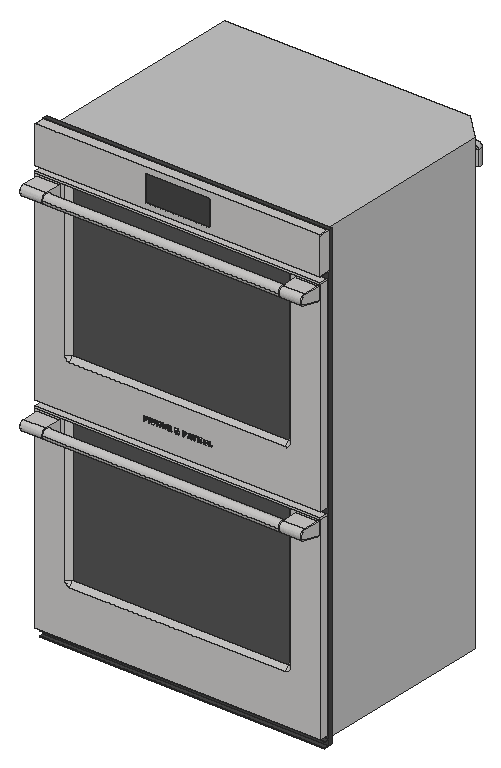
Revit family "FP_Revit_18_OB30DPPTX1_Oven_90000936A", category Specialty Equipment, Revit 2018
Family settings
  Round Connector Dimension = Use Diameter
  Part Type = Normal
  OmniClass Number = 23.40.40.14.17.11
  OmniClass Title = Cookers, Ovens, Stoves
  Work Plane-Based = No
  Always vertical = Yes
  Cut with Voids When Loaded = Yes
  Shared = No
  Room Calculation Point = No
Parameters
  Visibility - Clearance Required = yes
  URL = "www.fisherpaykel.com"
  Product - Width = 760 mm  # constant formula
  Product - Height = 1232 mm  # constant formula
  Product - Depth = 665 mm  # constant formula
  Model = "OB30DPPTX1"
  Material - Trim = Fisher & Paykel - Stainless Steel
  Material - Structure = Fisher & Paykel - Black
  Material - Handle = Fisher & Paykel - Stainless Steel
  Material - Glass = Fisher & Paykel - Glass, Black
  Material - Front = Fisher & Paykel - Stainless Steel
  Material - Display Panel = Fisher & Paykel - Black
  Material - Body = Fisher & Paykel - Grey
  Manufacturer = "Fisher & Paykel Appliances"
  FFL Offset [instance] = 100 mm
  Description = "30\" Self Cleaning Double Oven"
  Connector Note - Electrical = "208 V or 240 V, 33.2 A - 38.3 A"
  Chassis - Width = 719 mm  # constant formula
  Chassis - Height = 1218 mm  # constant formula
  Chassis - Depth = 569 mm  # constant formula
  Cavity - Width = 764 mm  # constant formula
  Cavity - Height = 1224 mm  # constant formula
  Cavity - Depth = 575 mm  # constant formula
  Cabinet - Height = 1236 mm  # constant formula
Reference planes
  plane 1 "Datum": y = 0
  plane 2: z = 0
  plane 3 "Center (Left/Right)": x = 0
  plane 4 "Cavity - Height": z = 1324
  plane 5 "Product - Height": z = 1332
  plane 6 "Product - Depth": y = 569
  plane 7 "Cavity - Depth": y = 575
  plane 8 "Front Face": y = -39
  plane 9 "FFL Offset": z = 100
  plane 10 "Cabinet - Height": z = 1336
  plane 11 "Product - LHS": x = -380
  plane 12 "Product - RHS": x = 380
  plane 13 "Cavity - LHS": x = -382
  plane 14 "Cavity - RHS": x = 382
Forms (mm)
  Extrusion 1, solid, material "Fisher & Paykel - Grey" <- "Material - Body"
    sketch origin (0, 0, 0) x (1, 0, 0) y (0, 1, 0)
      loop
        line (-359.5, 0) -> (359.5, 0) -> (359.5, 503) -> (292.691, 569) -> (-359.5, 569) -> (-359.5, 0)
    from 100 to 1318
  Extrusion 2, solid, material "Fisher & Paykel - Clearance Required", visible <- "Visibility - Clearance Required", detail levels coarse
    sketch origin (0, 0, 0) x (1, 0, 0) y (0, 1, 0)
      loop
        line (-362, 0) -> (362, 0) -> (362, 575) -> (-362, 575) -> (-362, 0)
    from 100 to 1324
  Extrusion 3, solid, material "Fisher & Paykel - Black" <- "Material - Structure"
    sketch origin (0, 0, 0) x (0, 1, 0) y (0, 0, 1)
      loop
        line (-11, 1332) -> (-11, 117.834) -> (-21.5, 115.02) -> (-21.254, 114.102) -> (-11, 116.85) -> (-11, 101.95) -> (-22, 101.95) -> (-22, 100) -> (0, 100) -> (0, 1332) -> (-11, 1332)
    from -380 to 380
  Extrusion 4, solid, material "Fisher & Paykel - Black" <- "Material - Structure"
    sketch origin (0, 0, 0) x (0, 1, 0) y (0, 0, 1)
      loop
        line (-16, 653.225) -> (-16, 128.025) -> (-11, 128.025) -> (-11, 653.225) -> (-16, 653.225)
      loop
        line (-16, 1214.225) -> (-16, 670.653) -> (-11, 670.653) -> (-11, 1214.225) -> (-16, 1214.225)
    from -361 to 361
  Extrusion 5, solid, material "Fisher & Paykel - Clearance Required", visible <- "Visibility - Clearance Required", detail levels coarse
    sketch origin (0, -2000, 0) x (0, 1, 0) y (0, 0, 1)
      loop
        line (1962, 128.025) -> (1962, 657.967)
        arc (1962, 657.967) -> (1587.465, 502.647) -> (1432.352, 128.025) r 529.942
        line (1432.352, 128.025) -> (1962, 128.025)
      loop
        arc (1962, 1218.484) -> (1574.625, 1058.028) -> (1414.169, 670.653) r 547.831
        line (1414.169, 670.653) -> (1962, 670.653) -> (1962, 1218.484)
    from -380 to 380
  Extrusion 6, void
    sketch origin (0, 0, 0) x (1, 0, 0) y (0, 1, 0)
      loop
        line (-362, 575) -> (-362, 0) -> (362, 0) -> (362, 575) -> (-362, 575)
    from 100 to 1324
  Extrusion 7, solid, material "Fisher & Paykel - Stainless Steel" <- "Material - Trim", detail levels fine
    sketch origin (0, 0, 0) x (0, 1, 0) y (0, 0, 1)
      loop
        line (-39, 1218.225) -> (-39, 1214.225) -> (-16, 1214.225) -> (-16, 1218.225) -> (-39, 1218.225)
      loop
        line (-39, 657.225) -> (-39, 653.225) -> (-16, 653.225) -> (-16, 657.225) -> (-39, 657.225)
    from -380 to 380
  Extrusion 8, solid, material "Fisher & Paykel - Stainless Steel" <- "Material - Handle", detail levels medium+fine
    sketch origin (0, -1, 2000) x (0, 1, 0) y (0, 0, 1)
      loop
        line (-37, -791.775) -> (-82.175, -791.775)
        arc (-82.175, -791.775) -> (-94.993, -803.067) -> (-85.405, -817.206) r 12.921
        line (-85.405, -817.206) -> (-37, -829.275) -> (-37, -791.775)
      loop
        line (-37, -1352.775) -> (-82.175, -1352.775)
        arc (-82.175, -1352.775) -> (-94.993, -1364.067) -> (-85.405, -1378.206) r 12.921
        line (-85.405, -1378.206) -> (-37, -1390.275) -> (-37, -1352.775)
    from 314.963 to 374.962
  Extrusion 9, solid, material "Fisher & Paykel - Stainless Steel" <- "Material - Handle", detail levels medium+fine
    sketch origin (0, -1, 0) x (0, 1, 0) y (0, 0, -1)
      loop
        line (-37, -1208.225) -> (-37, -1170.725) -> (-85.405, -1182.794)
        arc (-85.405, -1182.794) -> (-94.993, -1196.933) -> (-82.175, -1208.225) r 12.921
        line (-82.175, -1208.225) -> (-37, -1208.225)
      loop
        line (-37, -647.225) -> (-37, -609.725) -> (-85.405, -621.794)
        arc (-85.405, -621.794) -> (-94.993, -635.933) -> (-82.175, -647.225) r 12.921
        line (-82.175, -647.225) -> (-37, -647.225)
    from 314.963 to 374.962
  Sweep 10, void
    path in 3D
      loop
        line (374.962, -38, 1208.225) -> (374.962, -83.175, 1208.225)
        arc (374.962, -83.175, 1208.225) -> (374.962, -95.993, 1196.933) -> (374.962, -86.405, 1182.794) r 12.921
        line (374.962, -86.405, 1182.794) -> (374.962, -38, 1170.725)
    profile origin (374.962, -60.587, 1208.225) x (1, 0, 0) y (0, 0, 1)
      loop
        line (0, 0) -> (-1.5, 0) -> (0, -1.5) -> (0, 0)
  Sweep 11, void
    path in 3D
      loop
        line (374.962, -38, 647.225) -> (374.962, -83.175, 647.225)
        arc (374.962, -83.175, 647.225) -> (374.962, -95.993, 635.933) -> (374.962, -86.405, 621.794) r 12.921
        line (374.962, -86.405, 621.794) -> (374.962, -38, 609.725)
    profile origin (374.962, -60.587, 647.225) x (1, 0, 0) y (0, 0, 1)
      loop
        line (0, 0) -> (-1.5, 0) -> (0, -1.5) -> (0, 0)
  Sweep 12, void
    path in 3D
      loop
        line (-374.962, -38, 1170.725) -> (-374.962, -86.405, 1182.794)
        arc (-374.962, -86.405, 1182.794) -> (-374.962, -95.993, 1196.933) -> (-374.962, -83.175, 1208.225) r 12.921
        line (-374.962, -83.175, 1208.225) -> (-374.962, -38, 1208.225)
    profile origin (-374.962, -60.587, 1208.225) x (-1, 0, 0) y (0, 0, 1)
      loop
        line (0, 0) -> (-1.5, 0) -> (0, -1.5) -> (0, 0)
  Sweep 13, void
    path in 3D
      loop
        line (-374.962, -38, 609.725) -> (-374.962, -86.405, 621.794)
        arc (-374.962, -86.405, 621.794) -> (-374.962, -95.993, 635.933) -> (-374.962, -83.175, 647.225) r 12.921
        line (-374.962, -83.175, 647.225) -> (-374.962, -38, 647.225)
    profile origin (-374.962, -60.587, 647.225) x (-1, 0, 0) y (0, 0, 1)
      loop
        line (0, 0) -> (-1.5, 0) -> (0, -1.5) -> (0, 0)
  Extrusion 14, solid, material "Fisher & Paykel - Stainless Steel" <- "Material - Front", detail levels fine
    sketch origin (0, -39, 0) x (-1, 0, 0) y (0, 0, 1)
      loop
        line (380, 1214.225) -> (300.971, 1214.225) -> (300.971, 807.325)
        arc (300.971, 807.325) -> (296.87, 797.426) -> (286.971, 793.325) r 14
        line (286.971, 793.325) -> (-287.136, 793.325)
        arc (-287.136, 793.325) -> (-297.035, 797.426) -> (-301.136, 807.325) r 14
        line (-301.136, 807.325) -> (-301.136, 1214.225) -> (-380, 1214.225) -> (-380, 670.653) -> (380, 670.653) -> (380, 1214.225)
      loop
        line (-380, 653.225) -> (-380, 128.025) -> (380, 128.025) -> (380, 653.225) -> (300.971, 653.225) -> (300.971, 270.825)
        arc (300.971, 270.825) -> (296.87, 260.926) -> (286.971, 256.825) r 14
        line (286.971, 256.825) -> (-287.136, 256.825)
        arc (-287.136, 256.825) -> (-297.035, 260.926) -> (-301.136, 270.825) r 14
        line (-301.136, 270.825) -> (-301.136, 653.225) -> (-380, 653.225)
    from 1 to 23
  Extrusion 15, solid, material "Fisher & Paykel - Stainless Steel" <- "Material - Front", detail levels fine
    sketch origin (0, -39, 0) x (-1, 0, 0) y (0, 0, 1)
      loop
        line (378, 1332) -> (-378, 1332)
        arc (-378, 1332) -> (-379.414, 1331.414) -> (-380, 1330) r 2
        line (-380, 1330) -> (-380, 1233.766)
        arc (-380, 1233.766) -> (-379.424, 1232.376) -> (-378.034, 1231.8) r 1.966
        line (-378.034, 1231.8) -> (378, 1231.8)
        arc (378, 1231.8) -> (379.414, 1232.386) -> (380, 1233.8) r 2
        line (380, 1233.8) -> (380, 1330)
        arc (380, 1330) -> (379.414, 1331.414) -> (378, 1332) r 2
      loop
        line (84.917, 1316.8) -> (-85.154, 1316.8) -> (-85.154, 1246.8) -> (84.917, 1246.8) -> (84.917, 1316.8)
    from 0 to 28
  Extrusion 16, solid, material "Fisher & Paykel - Stainless Steel" <- "Material - Handle", detail levels medium+fine
    sketch origin (0, 0, 2000) x (0, 1, 0) y (0, 0, 1)
      loop
        circle (-83.284, -804.708) r 12.932
      loop
        circle (-83.284, -1365.708) r 12.932
    from -314.963 to 314.963
  Sweep 17, solid, material "Fisher & Paykel - Stainless Steel" <- "Material - Front", detail levels fine
    path in 3D
      loop
        line (301.136, -38, 1214.225) -> (301.136, -38, 807.325)
        arc (301.136, -38, 807.325) -> (297.035, -38, 797.426) -> (287.136, -38, 793.325) r 14
        line (287.136, -38, 793.325) -> (-286.971, -38, 793.325)
        arc (-286.971, -38, 793.325) -> (-296.87, -38, 797.426) -> (-300.971, -38, 807.325) r 14
        line (-300.971, -38, 807.325) -> (-300.971, -38, 1214.225)
    profile origin (-300.971, -38, 1010.775) x (0, -1, 0) y (1, 0, 0)
      loop
        line (-10, 13.02) -> (-10, 0) -> (0, 0) -> (-10, 13.02)
  Sweep 18, solid, material "Fisher & Paykel - Stainless Steel" <- "Material - Front", detail levels fine
    path in 3D
      loop
        line (301.136, -38, 653.225) -> (301.136, -38, 270.825)
        arc (301.136, -38, 270.825) -> (297.035, -38, 260.926) -> (287.136, -38, 256.825) r 14
        line (287.136, -38, 256.825) -> (-286.971, -38, 256.825)
        arc (-286.971, -38, 256.825) -> (-296.87, -38, 260.926) -> (-300.971, -38, 270.825) r 14
        line (-300.971, -38, 270.825) -> (-300.971, -38, 653.225)
    profile origin (-300.971, -38, 462.025) x (0, -1, 0) y (1, 0, 0)
      loop
        line (-10, 0) -> (0, 0) -> (-10, 13.02) -> (-10, 0)
  Extrusion 19, solid, material "Fisher & Paykel - Black" <- "Material - Display Panel", detail levels fine
    sketch origin (0, 0, 0) x (1, 0, 0) y (0, 0, 1)
      loop
        line (-84.917, 1316.8) -> (-84.917, 1246.8) -> (85.154, 1246.8) -> (85.154, 1316.8) -> (-84.917, 1316.8)
    from 11 to 37
  Extrusion 20, solid, material "Fisher & Paykel - Glass, Black" <- "Material - Glass", detail levels fine
    sketch origin (0, 0, 0) x (1, 0, 0) y (0, 0, 1)
      loop
        line (-300.971, 1214.225) -> (-300.971, 793.325) -> (301.136, 793.325) -> (301.136, 1214.225) -> (-300.971, 1214.225)
      loop
        line (-300.971, 653.225) -> (-300.971, 256.825) -> (301.136, 256.825) -> (301.136, 653.225) -> (-300.971, 653.225)
    from 16 to 28
  Extrusion 21, solid, material "Fisher & Paykel - Stainless Steel" <- "Material - Handle", detail levels coarse
    sketch origin (0, -1, 0) x (0, 1, 0) y (0, 0, 1)
      loop
        line (-37, 1208.225) -> (-82.175, 1208.225)
        arc (-82.175, 1208.225) -> (-94.993, 1196.933) -> (-85.405, 1182.794) r 12.921
        line (-85.405, 1182.794) -> (-37, 1170.725) -> (-37, 1208.225)
      loop
        line (-37, 647.225) -> (-82.175, 647.225)
        arc (-82.175, 647.225) -> (-94.993, 635.933) -> (-85.405, 621.794) r 12.921
        line (-85.405, 621.794) -> (-37, 609.725) -> (-37, 647.225)
    from -375 to 374.962
  Extrusion 22, solid, material "Fisher & Paykel - Stainless Steel" <- "Material - Front", detail levels coarse+medium
    sketch origin (0, 0, 0) x (0, 1, 0) y (0, 0, 1)
      loop
        line (-16, 657.225) -> (-38, 657.225) -> (-38, 128.025) -> (-16, 128.025) -> (-16, 657.225)
      loop
        line (-16, 1218.225) -> (-38, 1218.225) -> (-38, 670.653) -> (-16, 670.653) -> (-16, 1218.225)
      loop
        line (-11, 1332) -> (-39, 1332) -> (-39, 1231.8) -> (-11, 1231.8) -> (-11, 1332)
    from -380 to 380
  Extrusion 23, void
    sketch origin (0, 0, 0) x (0, 1, 0) y (0, 0, 1)
      loop
        line (0, 100) -> (0, 1336) -> (-39, 1336) -> (-39, 100) -> (0, 100)
    from -382 to 382
Cuts and joins
  Sweep 10, Sweep 11 cuts Extrusion 8
  Sweep 12, Sweep 13 cuts Extrusion 9
  joined: Extrusion 14, Sweep 17, Sweep 18
Lines and regions (mm)
  sketch lines
    curve 1: line (374.962, -38, 1208.225) -> (374.962, -83.175, 1208.225)
    curve 2: arc (374.962, -86.405, 1182.794) -> (374.962, -95.993, 1196.933) -> (374.962, -83.175, 1208.225) r 12.921
    curve 3: line (374.962, -86.405, 1182.794) -> (374.962, -38, 1170.725)
    curve 4: line (374.962, -38, 647.225) -> (374.962, -83.175, 647.225)
    curve 5: arc (374.962, -86.405, 621.794) -> (374.962, -95.993, 635.933) -> (374.962, -83.175, 647.225) r 12.921
    curve 6: line (374.962, -86.405, 621.794) -> (374.962, -38, 609.725)
    curve 7: line (-374.962, -83.175, 1208.225) -> (-374.962, -38, 1208.225)
    curve 8: arc (-374.962, -83.175, 1208.225) -> (-374.962, -95.993, 1196.933) -> (-374.962, -86.405, 1182.794) r 12.921
    curve 9: line (-374.962, -38, 1170.725) -> (-374.962, -86.405, 1182.794)
    curve 10: line (-374.962, -83.175, 647.225) -> (-374.962, -38, 647.225)
    curve 11: arc (-374.962, -83.175, 647.225) -> (-374.962, -95.993, 635.933) -> (-374.962, -86.405, 621.794) r 12.921
    curve 12: line (-374.962, -38, 609.725) -> (-374.962, -86.405, 621.794)
    curve 13: line (-300.971, -38, 807.325) -> (-300.971, -38, 1214.225)
    curve 14: arc (-300.971, -38, 807.325) -> (-296.87, -38, 797.426) -> (-286.971, -38, 793.325) r 14
    curve 15: line (287.136, -38, 793.325) -> (-286.971, -38, 793.325)
    curve 16: arc (287.136, -38, 793.325) -> (297.035, -38, 797.426) -> (301.136, -38, 807.325) r 14
    curve 17: line (301.136, -38, 1214.225) -> (301.136, -38, 807.325)
    curve 18: line (-300.971, -38, 270.825) -> (-300.971, -38, 653.225)
    curve 19: arc (-300.971, -38, 270.825) -> (-296.87, -38, 260.926) -> (-286.971, -38, 256.825) r 14
    curve 20: line (287.136, -38, 256.825) -> (-286.971, -38, 256.825)
    curve 21: line (301.136, -38, 653.225) -> (301.136, -38, 270.825)
    curve 22: arc (287.136, -38, 256.825) -> (297.035, -38, 260.926) -> (301.136, -38, 270.825) r 14
  model lines, style "Fisher & Paykel", detail levels coarse+medium
    curve 23: line (-300.971, -39, 1214.225) -> (301.136, -39, 1214.225)
    curve 24: line (-300.971, -39, 793.325) -> (-300.971, -39, 1214.225)
    curve 25: line (301.136, -39, 793.325) -> (-300.971, -39, 793.325)
    curve 26: line (301.136, -39, 1214.225) -> (301.136, -39, 793.325)
    curve 27: line (-300.971, -39, 653.225) -> (301.136, -39, 653.225)
    curve 28: line (-300.971, -39, 256.825) -> (-300.971, -39, 653.225)
    curve 29: line (301.136, -39, 256.825) -> (-300.971, -39, 256.825)
    curve 30: line (301.136, -39, 653.225) -> (301.136, -39, 256.825)
    curve 31: line (-84.917, -39, 1316.8) -> (85.154, -39, 1316.8)
    curve 32: line (-84.917, -39, 1246.8) -> (-84.917, -39, 1316.8)
    curve 33: line (85.154, -39, 1246.8) -> (-84.917, -39, 1246.8)
    curve 34: line (85.154, -39, 1316.8) -> (85.154, -39, 1246.8)
Text (mm)
  text "Due to ongoing product development, product details are subject to change without notice. \nPlease always refer to www.fisherpaykel.com for the most current product information. \n© Fisher & Paykel 2020" at (41.04, -678.295, 0), in view "Ref. Level (Plan)"
Dimensions and locks
  "Chassis - Depth": plane 1 "Datum" to plane 6 "Product - Depth"
  "Cavity - Depth": plane 7 "Cavity - Depth" to plane 1 "Datum"
  "Chassis - Width": Extrusion 1 to Extrusion 1
  equal spacing: Extrusion 1, plane 3 "Center (Left/Right)", Extrusion 1
  "FFL Offset": plane 9 "FFL Offset" to level
  "Cabinet - Height": plane 10 "Cabinet - Height" to plane 9 "FFL Offset"
  locked: plane 9 "FFL Offset" to Extrusion 14 sketch curve at 28.025
  locked: plane 9 "FFL Offset" to Extrusion 14 sketch curve at 156.825
  locked: plane 9 "FFL Offset" to Extrusion 14 sketch curve at 693.325
  locked: plane 9 "FFL Offset" to Extrusion 20 sketch curve at 693.325
  locked: plane 9 "FFL Offset" to Extrusion 20 sketch curve at 156.825
  locked: plane 9 "FFL Offset" to Extrusion 7 at 553.225
  locked: Extrusion 7 to plane 9 "FFL Offset" at 1114.225
  locked: plane 9 "FFL Offset" to Extrusion 22 at 570.653
  locked: Extrusion 22 to plane 9 "FFL Offset" at 28.025
  locked: plane 5 "Product - Height" to Extrusion 22 at 100.2
  locked: plane 5 "Product - Height" to nested 1 at 102.977
  cut or joined group of Extrusion 9, Sweep 12, Sweep 13 to plane 9 "FFL Offset" = 1108.225 mm
  cut or joined group of Extrusion 9, Sweep 12, Sweep 13 to plane 9 "FFL Offset" = 547.225 mm
  cut or joined group of Extrusion 8, Sweep 10, Sweep 11 to plane 9 "FFL Offset" = 1108.225 mm
  cut or joined group of Extrusion 8, Sweep 10, Sweep 11 to plane 9 "FFL Offset" = 547.225 mm
  locked: cut or joined group of Extrusion 14, Sweep 17, Sweep 18 to plane 9 "FFL Offset" at 570.653
  locked: plane 5 "Product - Height" to Extrusion 15 sketch curve at 100.2
  locked: plane 5 "Product - Height" to Extrusion 19 at 15.2
  locked: plane 5 "Product - Height" to Extrusion 19 at 85.2
  "Chassis - Height": Extrusion 1 to plane 9 "FFL Offset"
  "Product - Height": plane 5 "Product - Height" to plane 9 "FFL Offset"
  "Cavity - Height": plane 4 "Cavity - Height" to plane 9 "FFL Offset"
  plane 6 "Product - Depth" to plane 8 "Front Face" = 608 mm
  Extrusion 23 to plane 3 "Center (Left/Right)" to Extrusion 23 = 382 mm, 382 mm
  equal spacing: plane 11 "Product - LHS", plane 3 "Center (Left/Right)", plane 12 "Product - RHS"
  "Product - Width": plane 11 "Product - LHS" to plane 12 "Product - RHS"
  locked: Extrusion 3 sketch curve to plane 9 "FFL Offset" at 1.95
  locked: Extrusion 3 sketch curve to plane 9 "FFL Offset" at 15.02
  locked: Extrusion 3 sketch curve to plane 9 "FFL Offset" at 17.834
  locked: Extrusion 16 sketch curve to Extrusion 16 sketch curve at 561
  locked: nested 2 to plane 9 "FFL Offset" at 624.425
  locked: curve 29 to plane 9 "FFL Offset" at 156.825
  locked: curve 25 to plane 9 "FFL Offset" at 693.325
  locked: plane 5 "Product - Height" to curve 33 at 85.2
  locked: plane 5 "Product - Height" to curve 31 at 15.2
  plane 6 "Product - Depth" to Extrusion 16 = 665.217 mm
  equal spacing: plane 13 "Cavity - LHS", plane 3 "Center (Left/Right)", plane 14 "Cavity - RHS"
  "Cavity - Width": plane 13 "Cavity - LHS" to plane 14 "Cavity - RHS"
  equal spacing: Extrusion 2, plane 3 "Center (Left/Right)", Extrusion 2
  Extrusion 2 to Extrusion 2 = 724 mm
  aligned and locked: level to plane 2
  aligned and locked: plane 4 "Cavity - Height" to Extrusion 2
  aligned and locked: Extrusion 1 to plane 9 "FFL Offset"
  aligned and locked: Extrusion 3 to Extrusion 1
  aligned and locked: cut or joined group of Extrusion 14, Sweep 17, Sweep 18 to Extrusion 4  (x2)
  aligned and locked: Extrusion 4 to Extrusion 7  (x2)
  aligned and locked: Extrusion 22 to Extrusion 7  (x2)
  aligned and locked: Extrusion 4 to Extrusion 20  (x2)
  aligned and locked: Extrusion 20 to cut or joined group of Extrusion 14, Sweep 17, Sweep 18  (x2)
  aligned and locked: Extrusion 22 to Extrusion 15
  aligned and locked: Extrusion 19 to Extrusion 15  (x2)
  aligned and locked: Extrusion 2 to Extrusion 1
  aligned and locked: Extrusion 5 to Extrusion 4  (x2)
  aligned and locked: Extrusion 3 to Extrusion 2
  aligned and locked: Extrusion 22 to Extrusion 4
  aligned and locked: plane 5 "Product - Height" to Extrusion 15 sketch curve
  aligned and locked: Extrusion 15 sketch curve to Extrusion 19  (x2)
  aligned and locked: Extrusion 6 to Extrusion 1
  aligned and locked: plane 4 "Cavity - Height" to Extrusion 6
  aligned and locked: Extrusion 2 to Extrusion 23 sketch curve
  aligned and locked: Extrusion 23 sketch curve to plane 10 "Cabinet - Height"
  aligned and locked: Extrusion 3 sketch curve to plane 5 "Product - Height"
  aligned and locked: Extrusion 8 sketch curve to cut or joined group of Extrusion 9, Sweep 12, Sweep 13
  aligned and locked: Extrusion 4 to curve 27
  aligned and locked: Extrusion 4 to curve 23
  aligned and locked: Extrusion 23 to plane 13 "Cavity - LHS"
  aligned and locked: plane 14 "Cavity - RHS" to Extrusion 23
Automatic sketch dimensions
  plane 1 "Datum" to Extrusion 1 sketch curve = 0 mm
  Extrusion 1 sketch curve to plane 6 "Product - Depth" = 0 mm
  Extrusion 1 sketch curve to plane 6 "Product - Depth" = 66 mm
  plane 1 "Datum" to Extrusion 2 sketch curve = 0 mm
  plane 7 "Cavity - Depth" to Extrusion 2 sketch curve = 0 mm
  plane 1 "Datum" to Extrusion 4 sketch curve = 16 mm  (x2)
  Extrusion 4 sketch curve to Extrusion 4 sketch curve = 5 mm  (x2)
  level to Extrusion 4 sketch curve = 128.025 mm
  Extrusion 4 sketch curve to Extrusion 4 sketch curve = 525.2 mm
  Extrusion 4 sketch curve to Extrusion 4 sketch curve = 17.428 mm
  Extrusion 4 sketch curve to plane 5 "Product - Height" = 117.775 mm
  plane 1 "Datum" to Extrusion 6 sketch curve = 0 mm
  plane 7 "Cavity - Depth" to Extrusion 6 sketch curve = 0 mm
  Extrusion 7 sketch curve to plane 8 "Front Face" = 0 mm  (x2)
  plane 1 "Datum" to Extrusion 7 sketch curve = 16 mm  (x2)
  level to Extrusion 7 sketch curve = 653.225 mm
  Extrusion 7 sketch curve to Extrusion 7 sketch curve = 4 mm  (x2)
  Extrusion 7 sketch curve to plane 5 "Product - Height" = 117.775 mm
  Extrusion 9 sketch curve to plane 8 "Front Face" = 47.405 mm  (x2)
  Extrusion 9 sketch curve to Extrusion 9 sketch curve = 3.23 mm  (x2)
  plane 8 "Front Face" to Extrusion 9 sketch curve = 1 mm  (x2)
  Extrusion 9 sketch curve to plane 5 "Product - Height" = 123.775 mm
  Extrusion 9 sketch curve to Extrusion 9 sketch curve = 12.921 mm  (x2)
  Extrusion 9 sketch curve to Extrusion 9 sketch curve = 37.5 mm  (x2)
  Extrusion 9 sketch curve to Extrusion 9 sketch curve = 523.5 mm
  Sweep 10 sketch curve to profile plane = 0 mm
  profile plane to Sweep 10 sketch curve = 0 mm
  profile plane to Sweep 10 sketch curve = 1.5 mm
  Sweep 10 sketch curve to profile plane = 1.5 mm
  Sweep 11 sketch curve to profile plane = 0 mm
  profile plane to Sweep 11 sketch curve = 0 mm
  profile plane to Sweep 11 sketch curve = 1.5 mm
  Sweep 11 sketch curve to profile plane = 1.5 mm
  Sweep 12 sketch curve to profile plane = 0 mm  (x2)
  profile plane to Sweep 12 sketch curve = 1.5 mm
  Sweep 12 sketch curve to profile plane = 1.5 mm
  Sweep 13 sketch curve to profile plane = 0 mm  (x2)
  profile plane to Sweep 13 sketch curve = 1.5 mm
  Sweep 13 sketch curve to profile plane = 1.5 mm
  Extrusion 14 sketch curve to Extrusion 14 sketch curve = 78.864 mm
  Extrusion 14 sketch curve to Extrusion 14 sketch curve = 14 mm  (x3)
  Extrusion 14 sketch curve to Extrusion 14 sketch curve = 382.4 mm
  Extrusion 14 sketch curve to Extrusion 14 sketch curve = 17.428 mm
  Extrusion 14 sketch curve to Extrusion 14 sketch curve = 140.1 mm
  Extrusion 14 sketch curve to plane 5 "Product - Height" = 117.775 mm  (x2)
  Extrusion 16 sketch curve to plane 8 "Front Face" = 44.284 mm  (x2)
  Extrusion 16 sketch curve to plane 5 "Product - Height" = 136.708 mm
  Sweep 17 sketch curve to profile plane = 0 mm  (x2)
  profile plane to Sweep 17 sketch curve = 10 mm
  Sweep 17 sketch curve to Sweep 17 sketch curve = 13.02 mm
  Sweep 18 sketch curve to profile plane = 0 mm  (x2)
  Sweep 18 sketch curve to Sweep 18 sketch curve = 10 mm
  Sweep 18 sketch curve to Sweep 18 sketch curve = 13.02 mm
  Extrusion 19 sketch curve to plane 3 "Center (Left/Right)" = 84.917 mm
  plane 3 "Center (Left/Right)" to Extrusion 19 sketch curve = 85.154 mm
  Extrusion 19 sketch curve to plane 5 "Product - Height" = 85.2 mm
  Extrusion 19 sketch curve to plane 5 "Product - Height" = 15.2 mm
  Extrusion 21 sketch curve to plane 8 "Front Face" = 47.405 mm  (x2)
  Extrusion 21 sketch curve to Extrusion 21 sketch curve = 3.23 mm  (x2)
  plane 8 "Front Face" to Extrusion 21 sketch curve = 1 mm  (x2)
  Extrusion 21 sketch curve to plane 4 "Cavity - Height" = 714.275 mm
  Extrusion 21 sketch curve to Extrusion 21 sketch curve = 12.069 mm  (x2)
  Extrusion 21 sketch curve to Extrusion 21 sketch curve = 12.51 mm  (x2)
  Extrusion 21 sketch curve to Extrusion 21 sketch curve = 523.5 mm
  Extrusion 20 sketch curve to Extrusion 20 sketch curve = 140.1 mm
  Extrusion 20 sketch curve to plane 5 "Product - Height" = 117.775 mm
  plane 5 "Product - Height" to Extrusion 22 sketch curve = 0 mm
  Extrusion 22 sketch curve to plane 8 "Front Face" = 0 mm
  plane 8 "Front Face" to Extrusion 22 sketch curve = 1 mm  (x2)
  plane 1 "Datum" to Extrusion 22 sketch curve = 16 mm  (x2)
  plane 1 "Datum" to Extrusion 22 sketch curve = 11 mm
  Extrusion 22 sketch curve to Extrusion 22 sketch curve = 100.2 mm
  Extrusion 22 sketch curve to Extrusion 22 sketch curve = 13.575 mm
  Extrusion 22 sketch curve to Extrusion 22 sketch curve = 547.572 mm
  Extrusion 22 sketch curve to Extrusion 22 sketch curve = 13.428 mm
  level to Extrusion 22 sketch curve = 128.025 mm
  Extrusion 5 sketch curve to plane 8 "Front Face" = 546.831 mm
  plane 9 "FFL Offset" to Extrusion 5 sketch curve = 28.025 mm
  Extrusion 5 sketch curve to plane 8 "Front Face" = 528.648 mm
  plane 8 "Front Face" to Extrusion 5 sketch curve = 1 mm  (x2)
  Extrusion 5 sketch curve to Extrusion 5 sketch curve = 0.295 mm
  Extrusion 5 sketch curve to Extrusion 5 sketch curve = 542.628 mm
  Extrusion 15 sketch curve to Extrusion 15 sketch curve = 1.966 mm
  plane 3 "Center (Left/Right)" to Extrusion 15 sketch curve = 85.154 mm
  Extrusion 15 sketch curve to plane 3 "Center (Left/Right)" = 84.917 mm
  Extrusion 15 sketch curve to Extrusion 15 sketch curve = 2 mm
  Extrusion 23 sketch curve to plane 8 "Front Face" = 0 mm
  Extrusion 23 sketch curve to plane 1 "Datum" = 0 mm
  Extrusion 15 sketch curve to plane 5 "Product - Height" = 2 mm
  Extrusion 3 sketch curve to plane 9 "FFL Offset" = 0 mm
  Extrusion 3 sketch curve to plane 1 "Datum" = 0 mm
  plane 1 "Datum" to Extrusion 3 sketch curve = 11 mm
  Extrusion 3 sketch curve to Extrusion 3 sketch curve = 0 mm
  Extrusion 3 sketch curve to Extrusion 3 sketch curve = 10.254 mm
  Extrusion 3 sketch curve to Extrusion 3 sketch curve = 0.246 mm
  Extrusion 3 sketch curve to Extrusion 3 sketch curve = 11 mm
  Extrusion 8 sketch curve to plane 8 "Front Face" = 47.405 mm  (x2)
  Extrusion 8 sketch curve to Extrusion 8 sketch curve = 3.23 mm  (x2)
  plane 8 "Front Face" to Extrusion 8 sketch curve = 1 mm  (x2)
  Extrusion 8 sketch curve to Extrusion 8 sketch curve = 12.069 mm  (x2)
  Extrusion 8 sketch curve to Extrusion 8 sketch curve = 12.51 mm  (x2)
  Extrusion 8 sketch curve to plane 4 "Cavity - Height" = 153.275 mm
  plane 3 "Center (Left/Right)" to curve 34 = 85.154 mm
  curve 32 to plane 3 "Center (Left/Right)" = 84.917 mm
  plane 9 "FFL Offset" to curve 30 = 156.825 mm
  plane 11 "Product - LHS" to Extrusion 1 sketch curve = 20.5 mm
  plane 11 "Product - LHS" to Extrusion 2 sketch curve = 18 mm
  plane 11 "Product - LHS" to Extrusion 6 sketch curve = 18 mm
  plane 11 "Product - LHS" to curve 28 = 79.029 mm
  plane 11 "Product - LHS" to curve 24 = 79.029 mm
  Extrusion 14 sketch curve to plane 11 "Product - LHS" = 0 mm  (x2)
  plane 11 "Product - LHS" to Extrusion 14 sketch curve = 93.029 mm  (x2)
  Extrusion 14 sketch curve to Extrusion 14 sketch curve = 79.029 mm
  Extrusion 15 sketch curve to plane 11 "Product - LHS" = 0 mm
  plane 11 "Product - LHS" to Extrusion 15 sketch curve = 2 mm
  plane 11 "Product - LHS" to Extrusion 20 sketch curve = 79.029 mm  (x2)
  Extrusion 1 sketch curve to plane 12 "Product - RHS" = 87.309 mm
  Extrusion 1 sketch curve to plane 12 "Product - RHS" = 20.5 mm
  Extrusion 2 sketch curve to plane 12 "Product - RHS" = 18 mm
  Extrusion 6 sketch curve to plane 12 "Product - RHS" = 18 mm
  curve 26 to plane 12 "Product - RHS" = 78.864 mm
  curve 30 to plane 12 "Product - RHS" = 78.864 mm
  Extrusion 14 sketch curve to plane 12 "Product - RHS" = 0 mm  (x2)
  Extrusion 14 sketch curve to plane 12 "Product - RHS" = 78.864 mm
  Extrusion 15 sketch curve to plane 12 "Product - RHS" = 0 mm
  Extrusion 20 sketch curve to plane 12 "Product - RHS" = 78.864 mm  (x2)
  radius of Extrusion 16 sketch curve = 12.932 mm  (x2)
Nested families
  nested 1: "F&P Inlet Power OB30" at (327.191, 536, 1279) x (0.7071, -0.7071, 0) z (0, 0, 1), type "F&P Inlet Power OB30"
  nested 2: "F&P Logo 180mm" at (0, -38, 724.425), type "F&P Logo 180mm"
Connectors
  electrical at (334.648, 543.457, 1229.023), driven by "Connector Note - Electrical"
    settings: on nested 1, index 1, voltage 120 V, apparent load 0 VA, apparent load phase1 0 VA, apparent load phase2 0 VA, apparent load phase3 0 VA, power factor 1, load classification "Other", number of poles 2, system type 30, power factor state 1, is connector primary yes, connector utility no, sub classification motor no, connector description "208 V or 240 V, 33.2 A - 38.3 A"
Definition of nested family "F&P Inlet Power OB30"
  Parameters (values of type "F&P Inlet Power OB30")
    URL = "www.fisherpaykel.com"
    Material - Body = none
    Manufacturer = "Fisher & Paykel Appliances"
  Reference planes
    plane 1 "Center (Front/Back)": y = 0
    plane 2: z = 0
    plane 3 "Center (Left/Right)": x = 0
  Forms (mm)
    Extrusion 1, solid, material <- "Material - Body"
      sketch origin (0, 0, 0) x (1, 0, 0) y (0, 0, 1)
        loop
          circle (0, 0) r 14.523
        loop
          circle (0, 0) r 7.273
      from -3.02 to 0
    Sweep 2, solid, material <- "Material - Body"
      path origin (0, 0, 0) x (0, 1, 0) y (0, 0, 1)
        loop
          line (0, 0) -> (2.546, 0)
          arc (2.546, 0) -> (8.203, -2.343) -> (10.546, -8) r 8
          line (10.546, -8) -> (10.546, -49.977)
      profile origin (0, 1.273, 0) x (0, 0, 1) y (1, 0, 0)
        loop
          circle (0, 0) r 7.273
  Dimensions and locks
    aligned and locked: level to plane 2
Definition of nested family "F&P Logo 180mm"
  Parameters (values of type "F&P Logo 180mm")
    URL = "www.fisherpaykel.com"
    Material - Logo = none
    Manufacturer = "Fisher & Paykel Appliances"
  Reference planes
    plane 1 "Center (Front/Back)": y = 0
    plane 2: z = 0
    plane 3 "Center (Left/Right)": x = 0
  Forms (mm)
    Extrusion 1, solid, material <- "Material - Logo", detail levels fine
      sketch origin (0, 0, 0) x (1, 0, 0) y (0, 0, 1)
        loop
          line (-89.993, 0) -> (-87.16, 0) -> (-87.16, 3.848) -> (-82.733, 3.848) -> (-82.733, 6.25) -> (-87.16, 6.25) -> (-87.16, 8.481) -> (-82.344, 8.481) -> (-82.344, 10.872) -> (-89.993, 10.872) -> (-89.993, 0)
        loop
          line (-76.961, 10.872) -> (-76.961, 0) -> (-74.128, 0) -> (-74.128, 10.872) -> (-76.961, 10.872)
        loop
          line (-55.218, 10.872) -> (-55.218, 0) -> (-52.385, 0) -> (-52.385, 4.356) -> (-48.224, 4.356) -> (-48.224, 0) -> (-45.391, 0) -> (-45.391, 10.872) -> (-48.224, 10.872) -> (-48.224, 6.746) -> (-52.385, 6.746) -> (-52.385, 10.872) -> (-55.218, 10.872)
        loop
          line (-39.345, 10.872) -> (-39.345, 0) -> (-31.598, 0) -> (-31.598, 2.391) -> (-36.538, 2.391) -> (-36.538, 4.356) -> (-32.023, 4.356) -> (-32.023, 6.746) -> (-36.538, 6.746) -> (-36.538, 8.64) -> (-31.598, 8.64) -> (-31.598, 10.872) -> (-39.345, 10.872)
        loop
          line (82.287, 10.872) -> (82.287, 0) -> (90.007, 0) -> (90.007, 2.391) -> (85.12, 2.391) -> (85.12, 10.872) -> (82.287, 10.872)
        loop
          line (76.463, 10.872) -> (68.689, 10.872) -> (68.689, 0) -> (76.463, 0) -> (76.463, 2.391) -> (71.522, 2.391) -> (71.522, 4.356) -> (76.037, 4.356) -> (76.037, 6.746) -> (71.522, 6.746) -> (71.522, 8.481) -> (76.463, 8.481) -> (76.463, 10.872)
        loop
          line (60.297, 5.666) -> (64.316, 10.872) -> (61.005, 10.872) -> (57.534, 6.375) -> (57.534, 10.872) -> (54.701, 10.872) -> (54.701, 0) -> (57.534, 0) -> (57.534, 4.87) -> (61.111, 0) -> (64.459, 0) -> (60.297, 5.666)
        loop
          line (39.651, 10.872) -> (43.759, 4.356) -> (43.759, 0) -> (46.592, 0) -> (46.592, 4.214) -> (50.7, 10.872) -> (47.69, 10.872) -> (45.265, 6.673) -> (42.841, 10.872) -> (39.651, 10.872)
        loop
          line (33.348, 10.872) -> (30.656, 10.872) -> (26.229, 0) -> (29.01, 0) -> (29.789, 2.001) -> (34.145, 2.001) -> (34.923, 0) -> (37.775, 0) -> (33.348, 10.872)
        loop
          line (33.206, 4.391) -> (31.934, 7.514) -> (30.719, 4.391) -> (33.206, 4.391)
        loop
          line (14.543, 10.872) -> (14.543, 0) -> (17.376, 0) -> (17.376, 3.488) -> (19.166, 3.488)
          arc (19.166, 3.488) -> (22.857, 7.18) -> (19.166, 10.872) r 3.692
          line (19.166, 10.872) -> (14.543, 10.872)
        loop
          line (17.376, 8.481) -> (17.376, 5.755) -> (18.989, 5.755)
          arc (18.989, 5.755) -> (20.352, 7.118) -> (18.989, 8.481) r 1.363
          line (18.989, 8.481) -> (17.376, 8.481)
        loop
          line (-21.123, 10.872) -> (-25.773, 10.872) -> (-25.773, 0) -> (-22.94, 0) -> (-22.94, 3.027) -> (-21.974, 3.027) -> (-19.664, 0) -> (-16.388, 0) -> (-19.163, 3.551)
          arc (-19.163, 3.551) -> (-17.333, 7.964) -> (-21.123, 10.872) r 3.923
        loop
          line (-21.328, 8.481) -> (-22.94, 8.481) -> (-22.94, 5.495) -> (-21.328, 5.495)
          arc (-21.328, 5.495) -> (-19.835, 6.988) -> (-21.328, 8.481) r 1.493
        loop
          line (0.946, 8.481) -> (0.946, 11.075) -> (-6.349, 11.075) -> (-6.349, 8.732) -> (-5.266, 7.401)
          arc (-5.266, 7.401) -> (-6.232, 1.23) -> (0.006, 0.921) r 4.2
          line (0.006, 0.921) -> (0.756, 0) -> (3.97, 0) -> (1.635, 2.87) -> (3.745, 5.909) -> (0.833, 5.909) -> (0.063, 4.8) -> (-2.932, 8.481) -> (0.946, 8.481)
        loop
          arc (-3.739, 5.523) -> (-3.998, 3.002) -> (-1.476, 2.743) r 1.792
          line (-1.476, 2.743) -> (-3.739, 5.523)
        loop
          line (-63.238, 6.541) -> (-65.642, 7.039)
          arc (-65.642, 7.039) -> (-66.601, 7.998) -> (-65.642, 8.957) r 0.959
          arc (-65.642, 8.957) -> (-63.335, 8.623) -> (-61.22, 7.646) r 8.108
          line (-61.22, 7.646) -> (-61.22, 10.338)
          arc (-61.22, 10.338) -> (-63.902, 11.123) -> (-66.694, 10.996) r 8.507
          arc (-66.694, 10.996) -> (-69.278, 7.803) -> (-66.694, 4.609) r 3.266
          line (-66.694, 4.609) -> (-64.27, 4.107)
          arc (-64.27, 4.107) -> (-63.312, 3.148) -> (-64.271, 2.189) r 0.959
          arc (-64.271, 2.189) -> (-66.577, 2.524) -> (-68.692, 3.501) r 8.108
          line (-68.692, 3.501) -> (-68.692, 0.809)
          arc (-68.692, 0.809) -> (-66.01, 0.023) -> (-63.218, 0.15) r 8.507
          arc (-63.218, 0.15) -> (-60.634, 3.354) -> (-63.238, 6.541) r 3.266
      from 0 to 0.8
  Dimensions and locks
    aligned and locked: level to plane 2
